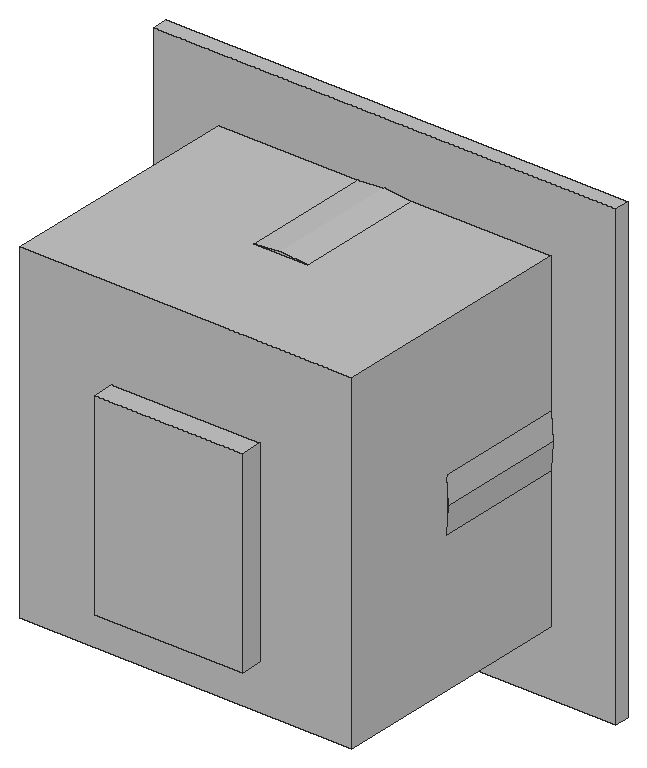
Revit family "ewf_ewg_ewh_ewj-20_105a_b_y_sa2_ta(40a)2-q(-60)_60Hz", category 機械設備, Revit 2019
Family settings
  丸型コネクタ寸法 = 直径を使用
  パーツ タイプ = 標準
  OmniClass 番号 = 23.75.35.21.17
  OmniClass タイトル = Industrial Ventilating Equipment
  作業面ベース = いいえ
  常に垂直 = はい
  ロード時にボイドで切り取り = はい
  共有 = いいえ
  部屋計算ポイント = はい
Parameters (values of type "EWF-20YSA2-Q")
  騒音レベル(dB(A)) [instance] = 37
  風量 [instance] = 設計風量  # 0.0 m³/h
  電源種別 [instance] = ""
  電圧 = 100 V
  電動機出力 = 15 W
  電動機_種別 [instance] = ""
  銘板表示 = not(モーター表示)  # yes
  銘板_Width = 102.6 mm
  銘板_Height = 136 mm
  銘板_H = 52 mm
  運転質量 = 0.00 kg
  連動 [instance] = ""
  質量 = if(製品質量 > 運転質量, 製品質量, 運転質量) * 1.2  # 3.96 kg
  負荷分類 = 3_ファン類
  説明 = "産業用有圧換気扇 低騒音形 給気専用"
  設計風量 [instance] = 0.0 m³/h
  設置方法 = "壁付"
  記号 [instance] = ""
  製造元 = "三菱電機株式会社"
  製品質量 = 3.30 kg
  製品出荷対象 = "国内"
  製品リリース年月 = "2022年6月"
  製品グループ = ""
  羽根径 = "∅200"
  レグ_Depth = 182.1 mm
  系統 [instance] = ""
  符号 [instance] = if(☑給気／□排気, "FS", "FE")  # "FS"
  積算_科目 = ""
  積算_拾い区分 [instance] = ""
  相 = 1
  盤記号 [instance] = ""
  盤工事区分 = ""
  発停方法 [instance] = ""
  特殊仕様 [instance] = ""
  火災停止 [instance] = ""
  消費電力 = 33 W
  法定耐用年数 = "15"
  極数 = 2
  極 = 4
  材質 [instance] = ""
  操作・制御方式 = ""
  操作・制御スイッチ = ""
  排気量 [instance] = if(☑給気／□排気, 0.0 m³/h, 設計風量)  # 0.0 m³/h
  形式 = ""
  幹線記号 [instance] = ""
  対象室 [instance] = ""
  実風量 [instance] = 0.0 m³/h
  始動方式 [instance] = "直入"
  外気量 [instance] = if(☑給気／□排気, 設計風量, 0.0 m³/h)  # 0.0 m³/h
  呼称 = "有圧扇"
  周波数 = 60 Hz
  参照している仕様書等のバージョン = ""
  分類コード = "50052503100110"
  分類グループ = ""
  価格 = 45400
  企業コード = "108420"
  付属品_防振装置 = ""
  付属品 [instance] = ""
  仕様書バージョン = "Version1.0"
  レグ_Width = 230 mm
  レグ_Height = 230 mm
  モーター径 = 5 mm
  モーター表示 = no
  モデル = "EWF-20YSA2-Q"
  フレームの厚さ = 10 mm
  ファンの種類 = "軸流羽根"
  コメント [instance] = ""
  Keynote = ""
  オリフィス_Depth = 100 mm
  ☑給気／□排気 [instance] = yes
  Width = 320 mm
  Version = ""
  Uniclass2015Version = "Systems v1.9"
  Uniclass2015Title = "Propeller fans"
  Uniclass2015Code = "Pr_65_67_29_67"
  URL = "https://www.mitsubishielectric.co.jp/ldg/wink/ssl/displayProduct.do?pid=318607"
  SpecificationReference = ""
  SpecificationDescription = ""
  Revision = ""
  ProductInformation = ""
  OmniClassCode = "23-33 31 19 11 17"
  MIN風量 = 0.0 m³/h
  MID風量 = 0.0 m³/h
  MAX風量 = 780.0 m³/h
  IfcTypeProduct = ""
  IfcProduct = ""
  IfcExportType = "TUBEAXIAL"
  IfcExportAs = "IfcFanType"
  Height = 320 mm
  オリフィス径 = 233 mm
  Depth = 197 mm
  Author = "三菱電機株式会社"
Types (68, lengths in mm): name | 騒音レベル(dB(A)) | 電圧 | 電動機出力 | 銘板表示 | 銘板_Width | 銘板_Height | 銘板_H | 質量 | 製品質量 | 羽根径 | レグ_Depth | 相 | 消費電力 | 極数 | 極 | 価格 | レグ_Width | レグ_Height | モーター径 | モーター表示 | モデル | フレームの厚さ | オリフィス_Depth | Width | URL | MAX風量 | Height | オリフィス径 | Depth
  EWF-20YSA2-Q | 37 | 100 V | 15 W | yes | 102.6 | 136 | 52 | 3.96 kg | 3.30 kg | "∅200" | 182.1 | 1 | 33 W | 2 | 4 | 45400 | 230 | 230 | 5 | no | "EWF-20YSA2-Q" | 10 | 100 | 320 | "https://www.mitsubishielectric.co.jp/ldg/wink/ssl/displayProduct.do?pid=318607" | 780.0 m³/h | 320 | 233 | 197
  EWF-25ASA2-Q | 42 | 100 V | 25 W | yes | 120 | 153 | 60 | 5.16 kg | 4.30 kg | "∅250" | 182 | 1 | 53 W | 2 | 4 | 48100 | 280 | 280 | 5 | no | "EWF-25ASA2-Q" | 10 | 110 | 370 | "https://www.mitsubishielectric.co.jp/ldg/wink/ssl/displayProduct.do?pid=318609" | 1320.0 m³/h | 370 | 283 | 201
  EWF-30BSA2-Q | 48 | 100 V | 50 W | yes | 120 | 153 | 60 | 6.96 kg | 5.80 kg | "∅300" | 179 | 1 | 80 W | 2 | 4 | 62000 | 330 | 330 | 5 | no | "EWF-30BSA2-Q" | 10 | 110 | 420 | "https://www.mitsubishielectric.co.jp/ldg/wink/ssl/displayProduct.do?pid=318801" | 1980.0 m³/h | 420 | 323 | 197
  EWF-35CSA2-Q | 48.5 | 100 V | 100 W | yes | 120 | 153 | 60 | 7.92 kg | 6.60 kg | "∅350" | 189.8 | 1 | 115 W | 2 | 4 | 82500 | 385 | 385 | 5 | no | "EWF-35CSA2-Q" | 10 | 130 | 470 | "https://www.mitsubishielectric.co.jp/ldg/wink/ssl/displayProduct.do?pid=318807" | 2880.0 m³/h | 470 | 373 | 208
  EWF-35DSA2-Q | 53 | 100 V | 150 W | yes | 148 | 181 | 73 | 11.40 kg | 9.50 kg | "∅350" | 226.9 | 1 | 181 W | 2 | 4 | 90800 | 385 | 385 | 5 | no | "EWF-35DSA2-Q" | 10 | 130 | 470 | "https://www.mitsubishielectric.co.jp/ldg/wink/ssl/displayProduct.do?pid=318759" | 3600.0 m³/h | 470 | 373 | 259
  EWF-40DSA2-Q | 54.5 | 100 V | 200 W | yes | 148 | 181 | 73 | 14.52 kg | 12.10 kg | "∅400" | 237.4 | 1 | 200 W | 2 | 4 | 107000 | 413 | 413 | 5 | no | "EWF-40DSA2-Q" | 10 | 135 | 520 | "https://www.mitsubishielectric.co.jp/ldg/wink/ssl/displayProduct.do?pid=318765" | 4320.0 m³/h | 520 | 423 | 266
  EWG-40BSA2-Q | 41.5 | 100 V | 50 W | yes | 120 | 153 | 60 | 10.08 kg | 8.40 kg | "∅400" | 207 | 1 | 73 W | 2 | 6 | 89400 | 413 | 413 | 5 | no | "EWG-40BSA2-Q" | 10 | 135 | 520 | "https://www.mitsubishielectric.co.jp/ldg/wink/ssl/displayProduct.do?pid=319072" | 2700.0 m³/h | 520 | 423 | 223
  EWG-40CSA2-Q | 47 | 100 V | 100 W | yes | 148 | 181 | 73 | 14.64 kg | 12.20 kg | "∅400" | 256.4 | 1 | 138 W | 2 | 6 | 105000 | 413 | 413 | 5 | no | "EWG-40CSA2-Q" | 10 | 135 | 520 | "https://www.mitsubishielectric.co.jp/ldg/wink/ssl/displayProduct.do?pid=319076" | 3780.0 m³/h | 520 | 423 | 285
  EWF-45ESA2-Q | 58.5 | 100 V | 400 W | yes | 178 | 211 | 88 | 21.96 kg | 18.30 kg | "∅450" | 274 | 1 | 360 W | 2 | 4 | 135000 | 522 | 522 | 5 | no | "EWF-45ESA2-Q" | 10 | 135 | 620 | "https://www.mitsubishielectric.co.jp/ldg/wink/ssl/displayProduct.do?pid=319059" | 6370.0 m³/h | 620 | 473 | 307
  EWG-45DSA2-Q | 52 | 100 V | 200 W | yes | 178 | 211 | 88 | 20.28 kg | 16.90 kg | "∅450" | 302 | 1 | 225 W | 2 | 6 | 123000 | 514 | 514 | 5 | no | "EWG-45DSA2-Q" | 10 | 135 | 620 | "https://www.mitsubishielectric.co.jp/ldg/wink/ssl/displayProduct.do?pid=319081" | 5000.0 m³/h | 620 | 473 | 335
  EWF-25ATA2-Q_200V | 42 | 200 V | 25 W | yes | 120 | 153 | 60 | 5.88 kg | 4.90 kg | "∅250" | 196.5 | 3 | 44 W | 3 | 4 | 48100 | 280 | 280 | 5 | no | "EWF-25ATA2-Q" | 10 | 110 | 370 | "https://www.mitsubishielectric.co.jp/ldg/wink/ssl/displayProduct.do?pid=318797" | 1320.0 m³/h | 370 | 283 | 211
  EWF-30BTA2-Q_200V | 48 | 200 V | 50 W | yes | 120 | 153 | 60 | 6.96 kg | 5.80 kg | "∅300" | 179 | 3 | 70 W | 3 | 4 | 62000 | 330 | 330 | 5 | no | "EWF-30BTA2-Q" | 10 | 110 | 420 | "https://www.mitsubishielectric.co.jp/ldg/wink/ssl/displayProduct.do?pid=318803" | 1980.0 m³/h | 420 | 323 | 197
  EWF-35CTA2-Q_200V | 48 | 200 V | 100 W | yes | 120 | 153 | 60 | 8.04 kg | 6.70 kg | "∅350" | 189.8 | 3 | 104 W | 3 | 4 | 82500 | 385 | 385 | 5 | no | "EWF-35CTA2-Q" | 10 | 130 | 470 | "https://www.mitsubishielectric.co.jp/ldg/wink/ssl/displayProduct.do?pid=318755" | 2880.0 m³/h | 470 | 373 | 208
  EWF-35DTA2-Q_200V | 52.5 | 200 V | 150 W | yes | 148 | 181 | 73 | 11.40 kg | 9.50 kg | "∅350" | 226.9 | 3 | 174 W | 3 | 4 | 90800 | 385 | 385 | 5 | no | "EWF-35DTA2-Q" | 10 | 130 | 470 | "https://www.mitsubishielectric.co.jp/ldg/wink/ssl/displayProduct.do?pid=318761" | 3600.0 m³/h | 470 | 373 | 259
  EWF-40DTA2-Q_200V | 55.5 | 200 V | 200 W | yes | 148 | 181 | 73 | 14.64 kg | 12.20 kg | "∅400" | 237.4 | 3 | 197 W | 3 | 4 | 107000 | 413 | 413 | 5 | no | "EWF-40DTA2-Q" | 10 | 135 | 520 | "https://www.mitsubishielectric.co.jp/ldg/wink/ssl/displayProduct.do?pid=319048" | 4320.0 m³/h | 520 | 423 | 266
  EWF-40ETA2-Q_200V | 58.5 | 200 V | 400 W | no | 5 | 5 | 5 | 17.04 kg | 14.20 kg | "∅400" | 279.4 | 3 | 356 W | 3 | 4 | 117000 | 414 | 414 | 131 | yes | "EWF-40ETA2-Q" | 10 | 135 | 520 | "https://www.mitsubishielectric.co.jp/ldg/wink/ssl/displayProduct.do?pid=319055" | 5520.0 m³/h | 520 | 423 | 308
  EWG-40BTA2-Q_200V | 40.5 | 200 V | 50 W | yes | 120 | 153 | 60 | 9.96 kg | 8.30 kg | "∅400" | 207 | 3 | 62 W | 3 | 6 | 89400 | 413 | 413 | 5 | no | "EWG-40BTA2-Q" | 10 | 135 | 520 | "https://www.mitsubishielectric.co.jp/ldg/wink/ssl/displayProduct.do?pid=319074" | 2460.0 m³/h | 520 | 423 | 223
  EWG-40CTA2-Q_200V | 46.5 | 200 V | 100 W | no | 5 | 5 | 5 | 14.52 kg | 12.10 kg | "∅400" | 251.3 | 3 | 131 W | 3 | 6 | 105000 | 413 | 413 | 131 | yes | "EWG-40CTA2-Q" | 10 | 135 | 520 | "https://www.mitsubishielectric.co.jp/ldg/wink/ssl/displayProduct.do?pid=319078" | 3780.0 m³/h | 520 | 423 | 308
  EWF-45ETA2-Q_200V | 59 | 200 V | 400 W | no | 5 | 5 | 5 | 21.36 kg | 17.80 kg | "∅450" | 286.4 | 3 | 365 W | 3 | 4 | 135000 | 522 | 522 | 131 | yes | "EWF-45ETA2-Q" | 10 | 135 | 620 | "https://www.mitsubishielectric.co.jp/ldg/wink/ssl/displayProduct.do?pid=319061" | 6700.0 m³/h | 620 | 473 | 315
  EWG-45DTA2-Q_200V | 52.5 | 200 V | 200 W | no | 5 | 5 | 5 | 18.84 kg | 15.70 kg | "∅450" | 286.4 | 3 | 200 W | 3 | 6 | 123000 | 522 | 522 | 131 | yes | "EWG-45DTA2-Q" | 10 | 135 | 620 | "https://www.mitsubishielectric.co.jp/ldg/wink/ssl/displayProduct.do?pid=319083" | 5100.0 m³/h | 620 | 473 | 315
  EWF-25ATA2-Q_220V | 42 | 220 V | 25 W | yes | 120 | 153 | 60 | 5.88 kg | 4.90 kg | "∅250" | 196.5 | 3 | 46 W | 3 | 4 | 48100 | 280 | 280 | 5 | no | "EWF-25ATA2-Q" | 10 | 110 | 370 | "https://www.mitsubishielectric.co.jp/ldg/wink/ssl/displayProduct.do?pid=318797" | 1320.0 m³/h | 370 | 283 | 211
  EWF-30BTA2-Q_220V | 48 | 220 V | 50 W | yes | 120 | 153 | 60 | 6.96 kg | 5.80 kg | "∅300" | 179 | 3 | 75 W | 3 | 4 | 62000 | 330 | 330 | 5 | no | "EWF-30BTA2-Q" | 10 | 110 | 420 | "https://www.mitsubishielectric.co.jp/ldg/wink/ssl/displayProduct.do?pid=318803" | 1980.0 m³/h | 420 | 323 | 197
  EWF-35CTA2-Q_220V | 48.5 | 220 V | 100 W | yes | 120 | 153 | 60 | 8.04 kg | 6.70 kg | "∅350" | 189.8 | 3 | 113 W | 3 | 4 | 82500 | 385 | 385 | 5 | no | "EWF-35CTA2-Q" | 10 | 130 | 470 | "https://www.mitsubishielectric.co.jp/ldg/wink/ssl/displayProduct.do?pid=318755" | 2880.0 m³/h | 470 | 373 | 208
  EWF-35DTA2-Q_220V | 53 | 220 V | 150 W | yes | 148 | 181 | 73 | 11.40 kg | 9.50 kg | "∅350" | 226.9 | 3 | 178 W | 3 | 4 | 90800 | 385 | 385 | 5 | no | "EWF-35DTA2-Q" | 10 | 130 | 470 | "https://www.mitsubishielectric.co.jp/ldg/wink/ssl/displayProduct.do?pid=318761" | 3600.0 m³/h | 470 | 373 | 259
  EWF-40DTA2-Q_220V | 55.5 | 220 V | 200 W | yes | 148 | 181 | 73 | 14.64 kg | 12.20 kg | "∅400" | 237.4 | 3 | 207 W | 3 | 4 | 107000 | 413 | 413 | 5 | no | "EWF-40DTA2-Q" | 10 | 135 | 520 | "https://www.mitsubishielectric.co.jp/ldg/wink/ssl/displayProduct.do?pid=319048" | 4320.0 m³/h | 520 | 423 | 266
  EWF-40ETA2-Q_220V | 58.5 | 220 V | 400 W | no | 5 | 5 | 5 | 17.04 kg | 14.20 kg | "∅400" | 279.4 | 3 | 367 W | 3 | 4 | 117000 | 414 | 414 | 131 | yes | "EWF-40ETA2-Q" | 10 | 135 | 520 | "https://www.mitsubishielectric.co.jp/ldg/wink/ssl/displayProduct.do?pid=319055" | 5520.0 m³/h | 520 | 423 | 308
  EWG-40BTA2-Q_220V | 41.5 | 220 V | 50 W | yes | 120 | 153 | 60 | 9.96 kg | 8.30 kg | "∅400" | 207 | 3 | 69 W | 3 | 6 | 89400 | 413 | 413 | 5 | no | "EWG-40BTA2-Q" | 10 | 135 | 520 | "https://www.mitsubishielectric.co.jp/ldg/wink/ssl/displayProduct.do?pid=319074" | 2460.0 m³/h | 520 | 423 | 223
  EWG-40CTA2-Q_220V | 47 | 220 V | 100 W | no | 5 | 5 | 5 | 14.52 kg | 12.10 kg | "∅400" | 251.3 | 3 | 139 W | 3 | 6 | 105000 | 413 | 413 | 131 | yes | "EWG-40CTA2-Q" | 10 | 135 | 520 | "https://www.mitsubishielectric.co.jp/ldg/wink/ssl/displayProduct.do?pid=319078" | 3780.0 m³/h | 520 | 423 | 308
  EWF-45ETA2-Q_220V | 60 | 220 V | 400 W | no | 5 | 5 | 5 | 21.36 kg | 17.80 kg | "∅450" | 286.4 | 3 | 375 W | 3 | 4 | 135000 | 522 | 522 | 131 | yes | "EWF-45ETA2-Q" | 10 | 135 | 620 | "https://www.mitsubishielectric.co.jp/ldg/wink/ssl/displayProduct.do?pid=319061" | 6700.0 m³/h | 620 | 473 | 315
  EWG-45DTA2-Q_220V | 52.5 | 220 V | 200 W | no | 5 | 5 | 5 | 18.84 kg | 15.70 kg | "∅450" | 286.4 | 3 | 200 W | 3 | 6 | 123000 | 522 | 522 | 131 | yes | "EWG-45DTA2-Q" | 10 | 135 | 620 | "https://www.mitsubishielectric.co.jp/ldg/wink/ssl/displayProduct.do?pid=319083" | 5100.0 m³/h | 620 | 473 | 315
  EWF-50FTA2-Q_200V | 62.5 | 200 V | 750 W | no | 5 | 5 | 5 | 23.64 kg | 19.70 kg | "∅500" | 266.4 | 3 | 519 W | 3 | 4 | 146000 | 522 | 522 | 131 | yes | "EWF-50FTA2-Q" | 10 | 155 | 620 | "https://www.mitsubishielectric.co.jp/ldg/wink/ssl/displayProduct.do?pid=319066" | 8280.0 m³/h | 620 | 528 | 295
  EWG-50DTA2-Q_200V | 51.5 | 200 V | 200 W | no | 5 | 5 | 5 | 18.48 kg | 15.40 kg | "∅500" | 266.4 | 3 | 155 W | 3 | 6 | 118000 | 522 | 522 | 131 | yes | "EWG-50DTA2-Q" | 10 | 155 | 620 | "https://www.mitsubishielectric.co.jp/ldg/wink/ssl/displayProduct.do?pid=318814" | 5640.0 m³/h | 620 | 528 | 295
  EWG-50ETA2-Q_200V | 56 | 200 V | 400 W | no | 5 | 5 | 5 | 22.20 kg | 18.50 kg | "∅500" | 297.4 | 3 | 332 W | 3 | 6 | 136000 | 522 | 522 | 131 | yes | "EWG-50ETA2-Q" | 10 | 155 | 620 | "https://www.mitsubishielectric.co.jp/ldg/wink/ssl/displayProduct.do?pid=318817" | 7140.0 m³/h | 620 | 528 | 326
  EWF-60HTA2-Q_200V | 68.5 | 200 V | 2200 W | no | 5 | 5 | 5 | 33.60 kg | 28.00 kg | "∅600" | 261 | 3 | 1030 W | 3 | 4 | 258000 | 623.5 | 623.5 | 202 | yes | "EWF-60HTA2-Q" | 10 | 175 | 710 | "https://www.mitsubishielectric.co.jp/ldg/wink/ssl/displayProduct.do?pid=319070" | 15000.0 m³/h | 710 | 624 | 346
  EWG-60ETA2-Q_200V | 55 | 200 V | 400 W | no | 5 | 5 | 5 | 24.36 kg | 20.30 kg | "∅600" | 288.4 | 3 | 332 W | 3 | 6 | 154000 | 612 | 612 | 131 | yes | "EWG-60ETA2-Q" | 10 | 175 | 710 | "https://www.mitsubishielectric.co.jp/ldg/wink/ssl/displayProduct.do?pid=318820" | 9210.0 m³/h | 710 | 624 | 317
  EWG-60FTA2-Q_200V | 59.5 | 200 V | 750 W | no | 5 | 5 | 5 | 32.52 kg | 27.10 kg | "∅600" | 308.8 | 3 | 610 W | 3 | 6 | 181000 | 612 | 612 | 163 | yes | "EWG-60FTA2-Q" | 10 | 175 | 710 | "https://www.mitsubishielectric.co.jp/ldg/wink/ssl/displayProduct.do?pid=318825" | 11160.0 m³/h | 710 | 624 | 347
  EWF-50FTA2-Q_220V | 63 | 220 V | 750 W | no | 5 | 5 | 5 | 23.64 kg | 19.70 kg | "∅500" | 266.4 | 3 | 534 W | 3 | 4 | 146000 | 522 | 522 | 131 | yes | "EWF-50FTA2-Q" | 10 | 155 | 620 | "https://www.mitsubishielectric.co.jp/ldg/wink/ssl/displayProduct.do?pid=319066" | 8280.0 m³/h | 620 | 528 | 295
  EWG-50DTA2-Q_220V | 52 | 220 V | 200 W | no | 5 | 5 | 5 | 18.48 kg | 15.40 kg | "∅500" | 266.4 | 3 | 165 W | 3 | 6 | 118000 | 522 | 522 | 131 | yes | "EWG-50DTA2-Q" | 10 | 155 | 620 | "https://www.mitsubishielectric.co.jp/ldg/wink/ssl/displayProduct.do?pid=318814" | 5640.0 m³/h | 620 | 528 | 295
  EWG-50ETA2-Q_220V | 56.5 | 220 V | 400 W | no | 5 | 5 | 5 | 22.20 kg | 18.50 kg | "∅500" | 297.4 | 3 | 351 W | 3 | 6 | 136000 | 522 | 522 | 131 | yes | "EWG-50ETA2-Q" | 10 | 155 | 620 | "https://www.mitsubishielectric.co.jp/ldg/wink/ssl/displayProduct.do?pid=318817" | 7140.0 m³/h | 620 | 528 | 326
  EWF-60HTA2-Q_220V | 68.5 | 220 V | 2200 W | no | 5 | 5 | 5 | 33.60 kg | 28.00 kg | "∅600" | 261 | 3 | 1070 W | 3 | 4 | 258000 | 623.5 | 623.5 | 202 | yes | "EWF-60HTA2-Q" | 10 | 175 | 710 | "https://www.mitsubishielectric.co.jp/ldg/wink/ssl/displayProduct.do?pid=319070" | 15000.0 m³/h | 710 | 624 | 346
  EWG-60ETA2-Q_220V | 55.5 | 220 V | 400 W | no | 5 | 5 | 5 | 24.36 kg | 20.30 kg | "∅600" | 288.4 | 3 | 347 W | 3 | 6 | 154000 | 612 | 612 | 131 | yes | "EWG-60ETA2-Q" | 10 | 175 | 710 | "https://www.mitsubishielectric.co.jp/ldg/wink/ssl/displayProduct.do?pid=318820" | 9210.0 m³/h | 710 | 624 | 317
  EWG-60FTA2-Q_220V | 59.5 | 220 V | 750 W | no | 5 | 5 | 5 | 32.52 kg | 27.10 kg | "∅600" | 308.8 | 3 | 625 W | 3 | 6 | 181000 | 612 | 612 | 163 | yes | "EWG-60FTA2-Q" | 10 | 175 | 710 | "https://www.mitsubishielectric.co.jp/ldg/wink/ssl/displayProduct.do?pid=318825" | 11160.0 m³/h | 710 | 624 | 347
  EWG-70JTA2-Q-60_200V | 70 | 200 V | 3700 W | no | 5 | 5 | 5 | 70.80 kg | 59.00 kg | "∅700" | 364 | 3 | 1910 W | 3 | 6 | 498000 | 725 | 725 | 289 | yes | "EWG-70JTA2-Q-60" | 35 | 245 | 860 | "https://www.mitsubishielectric.co.jp/ldg/wink/ssl/displayProduct.do?pid=318979" | 23300.0 m³/h | 860 | 797 | 465
  EWG-80LTA2-Q-60_200V | 72.5 | 200 V | 7500 W | no | 5 | 5 | 5 | 91.20 kg | 76.00 kg | "∅800" | 405 | 3 | 3120 W | 3 | 6 | 731000 | 786 | 786 | 289 | yes | "EWG-80LTA2-Q-60" | 35 | 256 | 950 | "https://www.mitsubishielectric.co.jp/ldg/wink/ssl/displayProduct.do?pid=318985" | 32200.0 m³/h | 950 | 876 | 519
  EWH-80JTA2-Q-60_200V | 64.5 | 200 V | 3700 W | no | 5 | 5 | 5 | 90.00 kg | 75.00 kg | "∅800" | 405 | 3 | 1470 W | 3 | 8 | 655000 | 780 | 780 | 231 | yes | "EWH-80JTA2-Q-60" | 35 | 256 | 950 | "https://www.mitsubishielectric.co.jp/ldg/wink/ssl/displayProduct.do?pid=318993" | 24000.0 m³/h | 950 | 876 | 519
  EWH-105MTA2-Q-60_200V | 73.5 | 200 V | 11000 W | no | 5 | 5 | 5 | 165.60 kg | 138.00 kg | "∅1050" | 488 | 3 | 4500 W | 3 | 8 | 1181000 | 1107 | 1107 | 305 | yes | "EWH-105MTA2-Q-60" | 50 | 303 | 1280 | "https://www.mitsubishielectric.co.jp/ldg/wink/ssl/displayProduct.do?pid=318989" | 50500.0 m³/h | 1280 | 1090 | 629
  EWJ-105JTA2-Q-60_200V | 67.5 | 200 V | 3700 W | no | 5 | 5 | 5 | 160.80 kg | 134.00 kg | "∅1050" | 484 | 3 | 2550 W | 3 | 10 | 1005000 | 1096 | 1096 | 262 | yes | "EWJ-105JTA2-Q-60" | 50 | 303 | 1280 | "https://www.mitsubishielectric.co.jp/ldg/wink/ssl/displayProduct.do?pid=318997" | 40600.0 m³/h | 1280 | 1090 | 629
  EWG-70JTA2-Q-60_220V | 70.5 | 220 V | 3700 W | no | 5 | 5 | 5 | 70.80 kg | 59.00 kg | "∅700" | 364 | 3 | 1980 W | 3 | 6 | 498000 | 725 | 725 | 289 | yes | "EWG-70JTA2-Q-60" | 35 | 245 | 860 | "https://www.mitsubishielectric.co.jp/ldg/wink/ssl/displayProduct.do?pid=318979" | 23300.0 m³/h | 860 | 797 | 465
  EWG-80LTA2-Q-60_220V | 73 | 220 V | 7500 W | no | 5 | 5 | 5 | 91.20 kg | 76.00 kg | "∅800" | 405 | 3 | 3210 W | 3 | 6 | 731000 | 786 | 786 | 289 | yes | "EWG-80LTA2-Q-60" | 35 | 256 | 950 | "https://www.mitsubishielectric.co.jp/ldg/wink/ssl/displayProduct.do?pid=318985" | 32200.0 m³/h | 950 | 876 | 519
  EWH-80JTA2-Q-60_220V | 65 | 220 V | 3700 W | no | 5 | 5 | 5 | 90.00 kg | 75.00 kg | "∅800" | 405 | 3 | 1600 W | 3 | 8 | 655000 | 780 | 780 | 231 | yes | "EWH-80JTA2-Q-60" | 35 | 256 | 950 | "https://www.mitsubishielectric.co.jp/ldg/wink/ssl/displayProduct.do?pid=318993" | 24000.0 m³/h | 950 | 876 | 519
  EWH-105MTA2-Q-60_220V | 74 | 220 V | 11000 W | no | 5 | 5 | 5 | 165.60 kg | 138.00 kg | "∅1050" | 488 | 3 | 4540 W | 3 | 8 | 1181000 | 1107 | 1107 | 305 | yes | "EWH-105MTA2-Q-60" | 50 | 303 | 1280 | "https://www.mitsubishielectric.co.jp/ldg/wink/ssl/displayProduct.do?pid=318989" | 50500.0 m³/h | 1280 | 1090 | 629
  EWJ-105JTA2-Q-60_220V | 68 | 220 V | 3700 W | no | 5 | 5 | 5 | 160.80 kg | 134.00 kg | "∅1050" | 484 | 3 | 2670 W | 3 | 10 | 1005000 | 1096 | 1096 | 262 | yes | "EWJ-105JTA2-Q-60" | 50 | 303 | 1280 | "https://www.mitsubishielectric.co.jp/ldg/wink/ssl/displayProduct.do?pid=318997" | 40600.0 m³/h | 1280 | 1090 | 629
  EWF-25ATA40A2-Q_400V | 42 | 400 V | 25 W | yes | 120 | 153 | 60 | 5.64 kg | 4.70 kg | "∅250" | 186.5 | 3 | 42 W | 3 | 4 | 53000 | 280 | 280 | 5 | no | "EWF-25ATA40A2-Q" | 10 | 110 | 370 | "https://www.mitsubishielectric.co.jp/ldg/wink/ssl/displayProduct.do?pid=318799" | 1320.0 m³/h | 370 | 283 | 201
  EWF-30BTA40A2-Q_400V | 46.5 | 400 V | 50 W | yes | 120 | 153 | 60 | 6.96 kg | 5.80 kg | "∅300" | 179 | 3 | 71 W | 3 | 4 | 68100 | 330 | 330 | 5 | no | "EWF-30BTA40A2-Q" | 10 | 110 | 420 | "https://www.mitsubishielectric.co.jp/ldg/wink/ssl/displayProduct.do?pid=318805" | 1980.0 m³/h | 420 | 323 | 197
  EWF-35CTA40A2-Q_400V | 50 | 400 V | 100 W | yes | 120 | 153 | 60 | 8.04 kg | 6.70 kg | "∅350" | 189.8 | 3 | 105 W | 3 | 4 | 90800 | 385 | 385 | 5 | no | "EWF-35CTA40A2-Q" | 10 | 130 | 470 | "https://www.mitsubishielectric.co.jp/ldg/wink/ssl/displayProduct.do?pid=318757" | 2880.0 m³/h | 470 | 373 | 208
  EWF-35DTA40A2-Q_400V | 54 | 400 V | 150 W | yes | 148 | 181 | 73 | 11.40 kg | 9.50 kg | "∅350" | 226.9 | 3 | 172 W | 3 | 4 | 100000 | 385 | 385 | 5 | no | "EWF-35DTA40A2-Q" | 10 | 130 | 470 | "https://www.mitsubishielectric.co.jp/ldg/wink/ssl/displayProduct.do?pid=318763" | 3600.0 m³/h | 470 | 373 | 259
  EWF-40DTA40A2-Q_400V | 56 | 400 V | 200 W | yes | 148 | 181 | 73 | 14.64 kg | 12.20 kg | "∅400" | 237.4 | 3 | 190 W | 3 | 4 | 115000 | 413 | 413 | 5 | no | "EWF-40DTA40A2-Q" | 10 | 135 | 520 | "https://www.mitsubishielectric.co.jp/ldg/wink/ssl/displayProduct.do?pid=319050" | 4320.0 m³/h | 520 | 423 | 266
  EWF-40ETA40A2-Q_400V | 58.5 | 400 V | 400 W | no | 5 | 5 | 5 | 17.04 kg | 14.20 kg | "∅400" | 279.4 | 3 | 325 W | 3 | 4 | 129000 | 414 | 414 | 131 | yes | "EWF-40ETA40A2-Q" | 10 | 135 | 520 | "https://www.mitsubishielectric.co.jp/ldg/wink/ssl/displayProduct.do?pid=319057" | 5520.0 m³/h | 520 | 423 | 308
  EWF-50FTA40A2-Q_400V | 61.5 | 400 V | 750 W | no | 5 | 5 | 5 | 23.64 kg | 19.70 kg | "∅500" | 266.4 | 3 | 495 W | 3 | 4 | 163000 | 522 | 522 | 131 | yes | "EWF-50FTA40A2-Q" | 10 | 155 | 620 | "https://www.mitsubishielectric.co.jp/ldg/wink/ssl/displayProduct.do?pid=319068" | 8280.0 m³/h | 620 | 528 | 295
  EWG-60FTA40A2-Q_400V | 59 | 400 V | 750 W | no | 5 | 5 | 5 | 32.52 kg | 27.10 kg | "∅600" | 308.8 | 3 | 600 W | 3 | 6 | 200000 | 612 | 612 | 163 | yes | "EWG-60FTA40A2-Q" | 10 | 175 | 710 | "https://www.mitsubishielectric.co.jp/ldg/wink/ssl/displayProduct.do?pid=318973" | 11160.0 m³/h | 710 | 624 | 347
  EWF-25ATA40A2-Q_440V | 42.5 | 440 V | 25 W | yes | 120 | 153 | 60 | 5.64 kg | 4.70 kg | "∅250" | 186.5 | 3 | 45 W | 3 | 4 | 53000 | 280 | 280 | 5 | no | "EWF-25ATA40A2-Q" | 10 | 110 | 370 | "https://www.mitsubishielectric.co.jp/ldg/wink/ssl/displayProduct.do?pid=318799" | 1320.0 m³/h | 370 | 283 | 201
  EWF-30BTA40A2-Q_440V | 47 | 440 V | 50 W | yes | 120 | 153 | 60 | 6.96 kg | 5.80 kg | "∅300" | 179 | 3 | 78 W | 3 | 4 | 68100 | 330 | 330 | 5 | no | "EWF-30BTA40A2-Q" | 10 | 110 | 420 | "https://www.mitsubishielectric.co.jp/ldg/wink/ssl/displayProduct.do?pid=318805" | 1980.0 m³/h | 420 | 323 | 197
  EWF-35CTA40A2-Q_440V | 51 | 440 V | 100 W | yes | 120 | 153 | 60 | 8.04 kg | 6.70 kg | "∅350" | 189.8 | 3 | 115 W | 3 | 4 | 90800 | 385 | 385 | 5 | no | "EWF-35CTA40A2-Q" | 10 | 130 | 470 | "https://www.mitsubishielectric.co.jp/ldg/wink/ssl/displayProduct.do?pid=318757" | 2880.0 m³/h | 470 | 373 | 208
  EWF-35DTA40A2-Q_440V | 54 | 440 V | 150 W | yes | 148 | 181 | 73 | 11.40 kg | 9.50 kg | "∅350" | 226.9 | 3 | 180 W | 3 | 4 | 100000 | 385 | 385 | 5 | no | "EWF-35DTA40A2-Q" | 10 | 130 | 470 | "https://www.mitsubishielectric.co.jp/ldg/wink/ssl/displayProduct.do?pid=318763" | 3600.0 m³/h | 470 | 373 | 259
  EWF-40DTA40A2-Q_440V | 56.5 | 440 V | 200 W | yes | 148 | 181 | 73 | 14.64 kg | 12.20 kg | "∅400" | 237.4 | 3 | 205 W | 3 | 4 | 115000 | 413 | 413 | 5 | no | "EWF-40DTA40A2-Q" | 10 | 135 | 520 | "https://www.mitsubishielectric.co.jp/ldg/wink/ssl/displayProduct.do?pid=319050" | 4320.0 m³/h | 520 | 423 | 266
  EWF-40ETA40A2-Q_440V | 59 | 440 V | 400 W | no | 5 | 5 | 5 | 17.04 kg | 14.20 kg | "∅400" | 279.4 | 3 | 355 W | 3 | 4 | 129000 | 414 | 414 | 131 | yes | "EWF-40ETA40A2-Q" | 10 | 135 | 520 | "https://www.mitsubishielectric.co.jp/ldg/wink/ssl/displayProduct.do?pid=319057" | 5520.0 m³/h | 520 | 423 | 308
  EWF-50FTA40A2-Q_440V | 61.5 | 440 V | 750 W | no | 5 | 5 | 5 | 23.64 kg | 19.70 kg | "∅500" | 266.4 | 3 | 500 W | 3 | 4 | 163000 | 522 | 522 | 131 | yes | "EWF-50FTA40A2-Q" | 10 | 155 | 620 | "https://www.mitsubishielectric.co.jp/ldg/wink/ssl/displayProduct.do?pid=319068" | 8280.0 m³/h | 620 | 528 | 295
  EWG-60FTA40A2-Q_440V | 59 | 440 V | 750 W | no | 5 | 5 | 5 | 32.52 kg | 27.10 kg | "∅600" | 308.8 | 3 | 625 W | 3 | 6 | 200000 | 612 | 612 | 163 | yes | "EWG-60FTA40A2-Q" | 10 | 175 | 710 | "https://www.mitsubishielectric.co.jp/ldg/wink/ssl/displayProduct.do?pid=318973" | 11160.0 m³/h | 710 | 624 | 347
Reference planes
  plane 1 "中心(正面/背面)": y = 0
  plane 2: z = 0
  plane 3 "中心(左/右)": x = 0
  plane 4: z = 0
  plane 5: through (212.832, -1524, 243.759) normal (-0.6508, 0, -0.7593)
  plane 6: through (-212.884, -1524, -243.751) normal (0.6508, 0, 0.7593)
  plane 7: through (208.307, -1524, -247.63) normal (-0.6508, 0, 0.7593)
  plane 8: z = 160
  plane 9: z = -160
  plane 10 "左": x = -160
  plane 11 "右": x = 160
  plane 12 "正面": y = -197
  plane 13: y = -10
  plane 14: through (-208.307, -1524, -247.63) normal (-0.6508, 0, -0.7593)
  plane 15: y = 53
  plane 16: y = 153
  plane 17: x = -250
  plane 18: x = 250
  plane 19: y = -100
  plane 20: y = -182.1
  plane 21: x = 51.3
  plane 22: x = -51.3
  plane 23: z = 52
  plane 24: z = -84
  plane 25: x = -115
  plane 26: x = 115
  plane 27: z = 115
  plane 28: z = -115
Forms (mm)
  Extrusion 1, solid, detail levels fine
    sketch origin (0, 0, 0) x (1, 0, 0) y (0, 1, 0)
      loop
        line (-160, 0) -> (-160, -10) -> (160, -10) -> (160, 0) -> (-160, 0)
    from -160 to 160
  Extrusion 2, solid, visible <- "モーター表示", detail levels fine
    sketch origin (140, -23.659, 0) x (-1, 0, 0) y (0, 0, -1)
      loop
        circle (140, 0) r 2.5
    from 158.441 to 173.341
  Extrusion 3, solid
    sketch origin (0, -153.783, 0) x (1, 0, 0) y (0, 0, 1)
      loop
        circle (0, 0) r 116.5
    from -143.783 to -53.783
  Extrusion 4, solid, visible <- "銘板表示", detail levels fine
    sketch origin (0, 0, 0) x (1, 0, 0) y (0, 0, 1)
      loop
        line (-51.3, 52) -> (-51.3, -84) -> (51.3, -84) -> (51.3, 52) -> (-51.3, 52)
    from 182.1 to 197
  Extrusion 5, solid
    sketch origin (0, 0, 0) x (1, 0, 0) y (0, 0, 1)
      loop
        line (-115, 115) -> (-115, -115) -> (115, -115) -> (115, 115) -> (-115, 115)
    from 10 to 182.1
Cuts and joins
  joined: Extrusion 3, Extrusion 5
Lines and regions (mm)
  Masking region 1, detail levels coarse+medium
    outline origin (0, 0, 0) x (1, 0, 0) y (0, 1, 0)
      loop
        line (-250, -197) -> (250, -197) -> (250, 53) -> (-250, 53) -> (-250, -197)
  Masking region 2, detail levels coarse+medium
    outline origin (0, 0, 0) x (1, 0, 0) y (0, 1, 0)
      loop
        line (-124, 53) -> (124, 53) -> (124, 153) -> (-124, 153) -> (-124, 53)
  symbolic lines, detail levels coarse+medium
    curve 1: circle (124, -198.1, 0) r 115 normal (0, 0, 1)
    curve 2: circle (-124, -198.1, 0) r 115 normal (0, 0, -1)
Dimensions and locks
  level to plane 4 = 0 mm
  equal spacing: plane 8, level, plane 9
  "Depth": plane 12 "正面" to plane 1 "中心(正面/背面)"  (x2)
  "Width": plane 10 "左" to plane 11 "右"
  "Height": plane 8 to plane 9
  "フレームの厚さ": plane 13 to plane 1 "中心(正面/背面)"
  plane 12 "正面" to plane 15 to plane 16 = 250 mm locked, 100 mm locked
  locked: plane 17 to plane 18 at 500
  "オリフィス_Depth": plane 1 "中心(正面/背面)" to plane 19
  "レグ_Depth": plane 1 "中心(正面/背面)" to plane 20
  equal spacing: plane 10 "左", plane 3 "中心(左/右)", plane 11 "右"
  equal spacing: plane 21, plane 3 "中心(左/右)", plane 22
  "銘板_Width": plane 21 to plane 22
  "銘板_H": plane 23 to level
  "銘板_Height": plane 23 to plane 24
  equal spacing: plane 26, plane 3 "中心(左/右)", plane 25
  "レグ_Width": plane 26 to plane 25
  equal spacing: plane 27, level, plane 28
  "レグ_Height": plane 27 to plane 28
  "オリフィス径": diameter of Extrusion 3 sketch curve
  "モーター径": diameter of Extrusion 2 sketch curve
  aligned and locked: level to plane 2
  aligned and locked: Extrusion 1 to plane 8
  aligned and locked: plane 10 "左" to Extrusion 1
  aligned and locked: Extrusion 1 to plane 11 "右"
  aligned and locked: plane 9 to Extrusion 1
  aligned and locked: Extrusion 1 to plane 13
  aligned and locked: Extrusion 1 to plane 1 "中心(正面/背面)"  (x5)
  aligned and locked: plane 12 "正面" to Extrusion 2
  aligned and locked: plane 1 "中心(正面/背面)" to Extrusion 1  (x2)
  aligned and locked: plane 4 to Extrusion 2 sketch curve
  aligned and locked: plane 12 "正面" to Masking region 1 sketch curve
  aligned and locked: Masking region 1 sketch curve to plane 17
  aligned and locked: plane 15 to Masking region 1 sketch curve
  aligned and locked: plane 18 to Masking region 1 sketch curve
  aligned and locked: Masking region 2 sketch curve to plane 15
  aligned and locked: plane 16 to Masking region 2 sketch curve
  aligned and locked: Extrusion 3 to Extrusion 1
  aligned and locked: Extrusion 3 to plane 19
  aligned and locked: plane 20 to Extrusion 2
  aligned and locked: Extrusion 4 sketch curve to plane 23
  aligned and locked: plane 22 to Extrusion 4 sketch curve
  aligned and locked: plane 24 to Extrusion 4 sketch curve
  aligned and locked: Extrusion 4 sketch curve to plane 21
  aligned and locked: plane 12 "正面" to Extrusion 4
  aligned and locked: plane 20 to Extrusion 4
  aligned and locked: Extrusion 5 to Extrusion 2
  aligned and locked: Extrusion 5 to Extrusion 1
  aligned and locked: Extrusion 5 to plane 25
  aligned and locked: plane 27 to Extrusion 5
  aligned and locked: plane 26 to Extrusion 5
  aligned and locked: Extrusion 5 to plane 28
  aligned and locked: Extrusion 5 to plane 20
Automatic sketch dimensions
  Extrusion 1 sketch curve to plane 10 "左" = 0 mm
  Extrusion 1 sketch curve to plane 11 "右" = 0 mm
  Extrusion 1 sketch curve to plane 13 = 0 mm
  plane 1 "中心(正面/背面)" to Extrusion 1 sketch curve = 0 mm
  Extrusion 3 sketch curve to level = 0 mm
  Extrusion 3 sketch curve to plane 3 "中心(左/右)" = 0 mm
  curve 2 to plane 20 = 16 mm
  curve 1 to plane 20 = 16 mm
  curve 2 to plane 10 "左" = 36 mm
  Masking region 2 sketch curve to plane 10 "左" = 36 mm
  plane 11 "右" to curve 1 = 36 mm
  plane 11 "右" to Masking region 2 sketch curve = 36 mm
  Extrusion 2 sketch curve to plane 3 "中心(左/右)" = 0 mm
  Extrusion 5 sketch curve to plane 25 = 0 mm
  plane 26 to Extrusion 5 sketch curve = 0 mm
  Extrusion 5 sketch curve to plane 28 = 0 mm
  plane 27 to Extrusion 5 sketch curve = 0 mm
  radius of curve 1 = 115 mm
  radius of curve 2 = 115 mm
Connectors
  electrical at (160, -5, 0), driven by "電圧", driven by "負荷分類", driven by "消費電力", driven by "極数"
    settings: on Extrusion 1, index 2, voltage 100 V, apparent load 33 VA, apparent load phase1 0 VA, apparent load phase2 0 VA, apparent load phase3 0 VA, power factor 1, load classification "3_ファン類", number of poles 2, system type 30, power factor state 1, is connector primary yes, connector utility no, sub classification motor no, connector description ""
